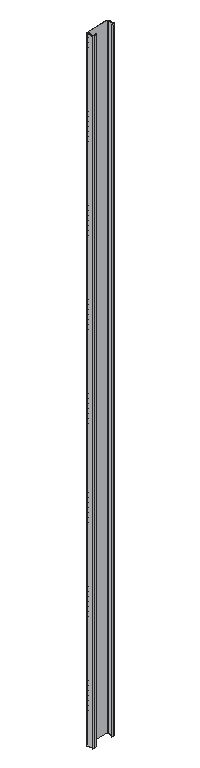
Revit family "side channel3", category Generic Models, Revit 2024 (continued)
Automatic sketch dimensions
  plane 255 to Extrusion 59 sketch curve = 0' - 0 3/16"  (x2)
  Extrusion 59 sketch curve to Extrusion 59 sketch curve = 0' - 0 3/16"
  Extrusion 60 sketch curve to plane 260 = 0' - 0"
  Extrusion 60 sketch curve to plane 261 = 0' - 0"
  Extrusion 60 sketch curve to plane 258 = 0' - 0"
  Extrusion 60 sketch curve to plane 259 = 0' - 0.23066"  (x2)
  Extrusion 60 sketch curve to Extrusion 60 sketch curve = 0' - 0.04316"  (x2)
  Extrusion 60 sketch curve to plane 260 = 0' - 0.07476"
  Extrusion 60 sketch curve to plane 261 = 0' - 0.07476"
  Extrusion 60 sketch curve to Extrusion 60 sketch curve = 0' - 0.39434"
  plane 259 to Extrusion 60 sketch curve = 0' - 0 3/16"  (x2)
  Extrusion 60 sketch curve to Extrusion 60 sketch curve = 0' - 0 3/16"
  Extrusion 61 sketch curve to plane 264 = 0' - 0"
  Extrusion 61 sketch curve to plane 265 = 0' - 0"
  Extrusion 61 sketch curve to plane 262 = 0' - 0"
  Extrusion 61 sketch curve to plane 263 = 0' - 0.23066"  (x2)
  Extrusion 61 sketch curve to Extrusion 61 sketch curve = 0' - 0.04316"  (x2)
  Extrusion 61 sketch curve to plane 264 = 0' - 0.07476"
  Extrusion 61 sketch curve to plane 265 = 0' - 0.07476"
  Extrusion 61 sketch curve to Extrusion 61 sketch curve = 0' - 0.39434"
  plane 263 to Extrusion 61 sketch curve = 0' - 0 3/16"  (x2)
  Extrusion 61 sketch curve to Extrusion 61 sketch curve = 0' - 0 3/16"
  Extrusion 62 sketch curve to plane 268 = 0' - 0"
  Extrusion 62 sketch curve to plane 269 = 0' - 0"
  Extrusion 62 sketch curve to plane 266 = 0' - 0"
  Extrusion 62 sketch curve to plane 267 = 0' - 0.23066"  (x2)
  Extrusion 62 sketch curve to Extrusion 62 sketch curve = 0' - 0.04316"  (x2)
  Extrusion 62 sketch curve to plane 268 = 0' - 0.07476"
  Extrusion 62 sketch curve to plane 269 = 0' - 0.07476"
  Extrusion 62 sketch curve to Extrusion 62 sketch curve = 0' - 0.39434"
  plane 267 to Extrusion 62 sketch curve = 0' - 0 3/16"  (x2)
  Extrusion 62 sketch curve to Extrusion 62 sketch curve = 0' - 0 3/16"
  Extrusion 63 sketch curve to plane 272 = 0' - 0"
  Extrusion 63 sketch curve to plane 273 = 0' - 0"
  Extrusion 63 sketch curve to plane 270 = 0' - 0"
  Extrusion 63 sketch curve to plane 271 = 0' - 0.23066"  (x2)
  Extrusion 63 sketch curve to Extrusion 63 sketch curve = 0' - 0.04316"  (x2)
  Extrusion 63 sketch curve to plane 272 = 0' - 0.07476"
  Extrusion 63 sketch curve to plane 273 = 0' - 0.07476"
  Extrusion 63 sketch curve to Extrusion 63 sketch curve = 0' - 0.39434"
  plane 271 to Extrusion 63 sketch curve = 0' - 0 3/16"  (x2)
  Extrusion 63 sketch curve to Extrusion 63 sketch curve = 0' - 0 3/16"
  Extrusion 64 sketch curve to plane 276 = 0' - 0"
  Extrusion 64 sketch curve to plane 277 = 0' - 0"
  Extrusion 64 sketch curve to plane 274 = 0' - 0"
  Extrusion 64 sketch curve to plane 275 = 0' - 0.23066"  (x2)
  Extrusion 64 sketch curve to Extrusion 64 sketch curve = 0' - 0.04316"  (x2)
  Extrusion 64 sketch curve to plane 276 = 0' - 0.07476"
  Extrusion 64 sketch curve to plane 277 = 0' - 0.07476"
  Extrusion 64 sketch curve to Extrusion 64 sketch curve = 0' - 0.39434"
  plane 275 to Extrusion 64 sketch curve = 0' - 0 3/16"  (x2)
  Extrusion 64 sketch curve to Extrusion 64 sketch curve = 0' - 0 3/16"
  Extrusion 65 sketch curve to plane 280 = 0' - 0"
  Extrusion 65 sketch curve to plane 281 = 0' - 0"
  Extrusion 65 sketch curve to plane 278 = 0' - 0"
  Extrusion 65 sketch curve to plane 279 = 0' - 0.23066"  (x2)
  Extrusion 65 sketch curve to Extrusion 65 sketch curve = 0' - 0.04316"  (x2)
  Extrusion 65 sketch curve to plane 280 = 0' - 0.07476"
  Extrusion 65 sketch curve to plane 281 = 0' - 0.07476"
  Extrusion 65 sketch curve to Extrusion 65 sketch curve = 0' - 0.39434"
  plane 279 to Extrusion 65 sketch curve = 0' - 0 3/16"  (x2)
  Extrusion 65 sketch curve to Extrusion 65 sketch curve = 0' - 0 3/16"
  Extrusion 66 sketch curve to plane 284 = 0' - 0"
  Extrusion 66 sketch curve to plane 285 = 0' - 0"
  Extrusion 66 sketch curve to plane 282 = 0' - 0"
  Extrusion 66 sketch curve to plane 283 = 0' - 0.23066"  (x2)
  Extrusion 66 sketch curve to Extrusion 66 sketch curve = 0' - 0.04316"  (x2)
  Extrusion 66 sketch curve to plane 284 = 0' - 0.07476"
  Extrusion 66 sketch curve to plane 285 = 0' - 0.07476"
  Extrusion 66 sketch curve to Extrusion 66 sketch curve = 0' - 0.39434"
  plane 283 to Extrusion 66 sketch curve = 0' - 0 3/16"  (x2)
  Extrusion 66 sketch curve to Extrusion 66 sketch curve = 0' - 0 3/16"
  Extrusion 67 sketch curve to plane 288 = 0' - 0"
  Extrusion 67 sketch curve to plane 289 = 0' - 0"
  Extrusion 67 sketch curve to plane 286 = 0' - 0"
  Extrusion 67 sketch curve to plane 287 = 0' - 0.23066"  (x2)
  Extrusion 67 sketch curve to Extrusion 67 sketch curve = 0' - 0.04316"  (x2)
  Extrusion 67 sketch curve to plane 288 = 0' - 0.07476"
  Extrusion 67 sketch curve to plane 289 = 0' - 0.07476"
  Extrusion 67 sketch curve to Extrusion 67 sketch curve = 0' - 0.39434"
  plane 287 to Extrusion 67 sketch curve = 0' - 0 3/16"  (x2)
  Extrusion 67 sketch curve to Extrusion 67 sketch curve = 0' - 0 3/16"
  Extrusion 68 sketch curve to plane 292 = 0' - 0"
  Extrusion 68 sketch curve to plane 293 = 0' - 0"
  Extrusion 68 sketch curve to plane 290 = 0' - 0"
  Extrusion 68 sketch curve to plane 291 = 0' - 0.23066"  (x2)
  Extrusion 68 sketch curve to Extrusion 68 sketch curve = 0' - 0.04316"  (x2)
  Extrusion 68 sketch curve to plane 292 = 0' - 0.07476"
  Extrusion 68 sketch curve to plane 293 = 0' - 0.07476"
  Extrusion 68 sketch curve to Extrusion 68 sketch curve = 0' - 0.39434"
  plane 291 to Extrusion 68 sketch curve = 0' - 0 3/16"  (x2)
  Extrusion 68 sketch curve to Extrusion 68 sketch curve = 0' - 0 3/16"
  Extrusion 69 sketch curve to plane 296 = 0' - 0"
  Extrusion 69 sketch curve to plane 297 = 0' - 0"
  Extrusion 69 sketch curve to plane 294 = 0' - 0"
  Extrusion 69 sketch curve to plane 295 = 0' - 0.23066"  (x2)
  Extrusion 69 sketch curve to Extrusion 69 sketch curve = 0' - 0.04316"  (x2)
  Extrusion 69 sketch curve to plane 296 = 0' - 0.07476"
  Extrusion 69 sketch curve to plane 297 = 0' - 0.07476"
  Extrusion 69 sketch curve to Extrusion 69 sketch curve = 0' - 0.39434"
  plane 295 to Extrusion 69 sketch curve = 0' - 0 3/16"  (x2)
  Extrusion 69 sketch curve to Extrusion 69 sketch curve = 0' - 0 3/16"
  Extrusion 70 sketch curve to plane 300 = 0' - 0"
  Extrusion 70 sketch curve to plane 301 = 0' - 0"
  Extrusion 70 sketch curve to plane 298 = 0' - 0"
  Extrusion 70 sketch curve to plane 299 = 0' - 0.23066"  (x2)
  Extrusion 70 sketch curve to Extrusion 70 sketch curve = 0' - 0.04316"  (x2)
  Extrusion 70 sketch curve to plane 300 = 0' - 0.07476"
  Extrusion 70 sketch curve to plane 301 = 0' - 0.07476"
  Extrusion 70 sketch curve to Extrusion 70 sketch curve = 0' - 0.39434"
  plane 299 to Extrusion 70 sketch curve = 0' - 0 3/16"  (x2)
  Extrusion 70 sketch curve to Extrusion 70 sketch curve = 0' - 0 3/16"
  Extrusion 71 sketch curve to plane 304 = 0' - 0"
  Extrusion 71 sketch curve to plane 305 = 0' - 0"
  Extrusion 71 sketch curve to plane 302 = 0' - 0"
  Extrusion 71 sketch curve to plane 303 = 0' - 0.23066"  (x2)
  Extrusion 71 sketch curve to Extrusion 71 sketch curve = 0' - 0.04316"  (x2)
  Extrusion 71 sketch curve to plane 304 = 0' - 0.07476"
  Extrusion 71 sketch curve to plane 305 = 0' - 0.07476"
  Extrusion 71 sketch curve to Extrusion 71 sketch curve = 0' - 0.39434"
  plane 303 to Extrusion 71 sketch curve = 0' - 0 3/16"  (x2)
  Extrusion 71 sketch curve to Extrusion 71 sketch curve = 0' - 0 3/16"
  Extrusion 72 sketch curve to plane 308 = 0' - 0"
  Extrusion 72 sketch curve to plane 309 = 0' - 0"
  Extrusion 72 sketch curve to plane 306 = 0' - 0"
  Extrusion 72 sketch curve to plane 307 = 0' - 0.23066"  (x2)
  Extrusion 72 sketch curve to Extrusion 72 sketch curve = 0' - 0.04316"  (x2)
  Extrusion 72 sketch curve to plane 308 = 0' - 0.07476"
  Extrusion 72 sketch curve to plane 309 = 0' - 0.07476"
  Extrusion 72 sketch curve to Extrusion 72 sketch curve = 0' - 0.39434"
  plane 307 to Extrusion 72 sketch curve = 0' - 0 3/16"  (x2)
  Extrusion 72 sketch curve to Extrusion 72 sketch curve = 0' - 0 3/16"
  Extrusion 73 sketch curve to plane 312 = 0' - 0"
  Extrusion 73 sketch curve to plane 313 = 0' - 0"
  Extrusion 73 sketch curve to plane 310 = 0' - 0"
  Extrusion 73 sketch curve to plane 311 = 0' - 0.23066"  (x2)
  Extrusion 73 sketch curve to Extrusion 73 sketch curve = 0' - 0.04316"  (x2)
  Extrusion 73 sketch curve to plane 312 = 0' - 0.07476"
  Extrusion 73 sketch curve to plane 313 = 0' - 0.07476"
  Extrusion 73 sketch curve to Extrusion 73 sketch curve = 0' - 0.39434"
  plane 311 to Extrusion 73 sketch curve = 0' - 0 3/16"  (x2)
  Extrusion 73 sketch curve to Extrusion 73 sketch curve = 0' - 0 3/16"
  Extrusion 74 sketch curve to plane 316 = 0' - 0"
  Extrusion 74 sketch curve to plane 317 = 0' - 0"
  Extrusion 74 sketch curve to plane 314 = 0' - 0"
  Extrusion 74 sketch curve to plane 315 = 0' - 0.23066"  (x2)
  Extrusion 74 sketch curve to Extrusion 74 sketch curve = 0' - 0.04316"  (x2)
  Extrusion 74 sketch curve to plane 316 = 0' - 0.07476"
  Extrusion 74 sketch curve to plane 317 = 0' - 0.07476"
  Extrusion 74 sketch curve to Extrusion 74 sketch curve = 0' - 0.39434"
  plane 315 to Extrusion 74 sketch curve = 0' - 0 3/16"  (x2)
  Extrusion 74 sketch curve to Extrusion 74 sketch curve = 0' - 0 3/16"
  Extrusion 75 sketch curve to plane 320 = 0' - 0"
  Extrusion 75 sketch curve to plane 321 = 0' - 0"
  Extrusion 75 sketch curve to plane 318 = 0' - 0"
  Extrusion 75 sketch curve to plane 319 = 0' - 0.23066"  (x2)
  Extrusion 75 sketch curve to Extrusion 75 sketch curve = 0' - 0.04316"  (x2)
  Extrusion 75 sketch curve to plane 320 = 0' - 0.07476"
  Extrusion 75 sketch curve to plane 321 = 0' - 0.07476"
  Extrusion 75 sketch curve to Extrusion 75 sketch curve = 0' - 0.39434"
  plane 319 to Extrusion 75 sketch curve = 0' - 0 3/16"  (x2)
  Extrusion 75 sketch curve to Extrusion 75 sketch curve = 0' - 0 3/16"
  Extrusion 76 sketch curve to plane 324 = 0' - 0"
  Extrusion 76 sketch curve to plane 325 = 0' - 0"
  Extrusion 76 sketch curve to plane 322 = 0' - 0"
  Extrusion 76 sketch curve to plane 323 = 0' - 0.23066"  (x2)
  Extrusion 76 sketch curve to Extrusion 76 sketch curve = 0' - 0.04316"  (x2)
  Extrusion 76 sketch curve to plane 324 = 0' - 0.07476"
  Extrusion 76 sketch curve to plane 325 = 0' - 0.07476"
  Extrusion 76 sketch curve to Extrusion 76 sketch curve = 0' - 0.39434"
  plane 323 to Extrusion 76 sketch curve = 0' - 0 3/16"  (x2)
  Extrusion 76 sketch curve to Extrusion 76 sketch curve = 0' - 0 3/16"
  Extrusion 77 sketch curve to plane 328 = 0' - 0"
  Extrusion 77 sketch curve to plane 329 = 0' - 0"
  Extrusion 77 sketch curve to plane 326 = 0' - 0"
  Extrusion 77 sketch curve to plane 327 = 0' - 0.23066"  (x2)
  Extrusion 77 sketch curve to Extrusion 77 sketch curve = 0' - 0.04316"  (x2)
  Extrusion 77 sketch curve to plane 328 = 0' - 0.07476"
  Extrusion 77 sketch curve to plane 329 = 0' - 0.07476"
  Extrusion 77 sketch curve to Extrusion 77 sketch curve = 0' - 0.39434"
  plane 327 to Extrusion 77 sketch curve = 0' - 0 3/16"  (x2)
  Extrusion 77 sketch curve to Extrusion 77 sketch curve = 0' - 0 3/16"
  Extrusion 78 sketch curve to plane 332 = 0' - 0"
  Extrusion 78 sketch curve to plane 333 = 0' - 0"
  Extrusion 78 sketch curve to plane 330 = 0' - 0"
  Extrusion 78 sketch curve to plane 331 = 0' - 0.23066"  (x2)
  Extrusion 78 sketch curve to Extrusion 78 sketch curve = 0' - 0.04316"  (x2)
  Extrusion 78 sketch curve to plane 332 = 0' - 0.07476"
  Extrusion 78 sketch curve to plane 333 = 0' - 0.07476"
  Extrusion 78 sketch curve to Extrusion 78 sketch curve = 0' - 0.39434"
  plane 331 to Extrusion 78 sketch curve = 0' - 0 3/16"  (x2)
  Extrusion 78 sketch curve to Extrusion 78 sketch curve = 0' - 0 3/16"
  Extrusion 79 sketch curve to plane 336 = 0' - 0"
  Extrusion 79 sketch curve to plane 337 = 0' - 0"
  Extrusion 79 sketch curve to plane 334 = 0' - 0"
  Extrusion 79 sketch curve to plane 335 = 0' - 0.23066"  (x2)
  Extrusion 79 sketch curve to Extrusion 79 sketch curve = 0' - 0.04316"  (x2)
  Extrusion 79 sketch curve to plane 336 = 0' - 0.07476"
  Extrusion 79 sketch curve to plane 337 = 0' - 0.07476"
  Extrusion 79 sketch curve to Extrusion 79 sketch curve = 0' - 0.39434"
  plane 335 to Extrusion 79 sketch curve = 0' - 0 3/16"  (x2)
  Extrusion 79 sketch curve to Extrusion 79 sketch curve = 0' - 0 3/16"
  Extrusion 80 sketch curve to plane 340 = 0' - 0"
  Extrusion 80 sketch curve to plane 341 = 0' - 0"
  Extrusion 80 sketch curve to plane 338 = 0' - 0"
  Extrusion 80 sketch curve to plane 339 = 0' - 0.23066"  (x2)
  Extrusion 80 sketch curve to Extrusion 80 sketch curve = 0' - 0.04316"  (x2)
  Extrusion 80 sketch curve to plane 340 = 0' - 0.07476"
  Extrusion 80 sketch curve to plane 341 = 0' - 0.07476"
  Extrusion 80 sketch curve to Extrusion 80 sketch curve = 0' - 0.39434"
  plane 339 to Extrusion 80 sketch curve = 0' - 0 3/16"  (x2)
  Extrusion 80 sketch curve to Extrusion 80 sketch curve = 0' - 0 3/16"
  Extrusion 81 sketch curve to plane 344 = 0' - 0"
  Extrusion 81 sketch curve to plane 345 = 0' - 0"
  Extrusion 81 sketch curve to plane 342 = 0' - 0"
  Extrusion 81 sketch curve to plane 343 = 0' - 0.23066"  (x2)
  Extrusion 81 sketch curve to Extrusion 81 sketch curve = 0' - 0.04316"  (x2)
  Extrusion 81 sketch curve to plane 344 = 0' - 0.07476"
  Extrusion 81 sketch curve to plane 345 = 0' - 0.07476"
  Extrusion 81 sketch curve to Extrusion 81 sketch curve = 0' - 0.39434"
  plane 343 to Extrusion 81 sketch curve = 0' - 0 3/16"  (x2)
  Extrusion 81 sketch curve to Extrusion 81 sketch curve = 0' - 0 3/16"
  Extrusion 82 sketch curve to plane 348 = 0' - 0"
  Extrusion 82 sketch curve to plane 349 = 0' - 0"
  Extrusion 82 sketch curve to plane 346 = 0' - 0"
  Extrusion 82 sketch curve to plane 347 = 0' - 0.23066"  (x2)
  Extrusion 82 sketch curve to Extrusion 82 sketch curve = 0' - 0.04316"  (x2)
  Extrusion 82 sketch curve to plane 348 = 0' - 0.07476"
  Extrusion 82 sketch curve to plane 349 = 0' - 0.07476"
  Extrusion 82 sketch curve to Extrusion 82 sketch curve = 0' - 0.39434"
  plane 347 to Extrusion 82 sketch curve = 0' - 0 3/16"  (x2)
  Extrusion 82 sketch curve to Extrusion 82 sketch curve = 0' - 0 3/16"
  Extrusion 83 sketch curve to plane 352 = 0' - 0"
  Extrusion 83 sketch curve to plane 353 = 0' - 0"
  Extrusion 83 sketch curve to plane 350 = 0' - 0"
  Extrusion 83 sketch curve to plane 351 = 0' - 0.23066"  (x2)
  Extrusion 83 sketch curve to Extrusion 83 sketch curve = 0' - 0.04316"  (x2)
  Extrusion 83 sketch curve to plane 352 = 0' - 0.07476"
  Extrusion 83 sketch curve to plane 353 = 0' - 0.07476"
  Extrusion 83 sketch curve to Extrusion 83 sketch curve = 0' - 0.39434"
  plane 351 to Extrusion 83 sketch curve = 0' - 0 3/16"  (x2)
  Extrusion 83 sketch curve to Extrusion 83 sketch curve = 0' - 0 3/16"
  Extrusion 84 sketch curve to plane 356 = 0' - 0"
  Extrusion 84 sketch curve to plane 357 = 0' - 0"
  Extrusion 84 sketch curve to plane 354 = 0' - 0"
  Extrusion 84 sketch curve to plane 355 = 0' - 0.23066"  (x2)
  Extrusion 84 sketch curve to Extrusion 84 sketch curve = 0' - 0.04316"  (x2)
  Extrusion 84 sketch curve to plane 356 = 0' - 0.07476"
  Extrusion 84 sketch curve to plane 357 = 0' - 0.07476"
  Extrusion 84 sketch curve to Extrusion 84 sketch curve = 0' - 0.39434"
  plane 355 to Extrusion 84 sketch curve = 0' - 0 3/16"  (x2)
  Extrusion 84 sketch curve to Extrusion 84 sketch curve = 0' - 0 3/16"
  Extrusion 85 sketch curve to plane 360 = 0' - 0"
  Extrusion 85 sketch curve to plane 361 = 0' - 0"
  Extrusion 85 sketch curve to plane 358 = 0' - 0"
  Extrusion 85 sketch curve to plane 359 = 0' - 0.23066"  (x2)
  Extrusion 85 sketch curve to Extrusion 85 sketch curve = 0' - 0.04316"  (x2)
  Extrusion 85 sketch curve to plane 360 = 0' - 0.07476"
  Extrusion 85 sketch curve to plane 361 = 0' - 0.07476"
  Extrusion 85 sketch curve to Extrusion 85 sketch curve = 0' - 0.39434"
  plane 359 to Extrusion 85 sketch curve = 0' - 0 3/16"  (x2)
  Extrusion 85 sketch curve to Extrusion 85 sketch curve = 0' - 0 3/16"
  Extrusion 86 sketch curve to plane 364 = 0' - 0"
  Extrusion 86 sketch curve to plane 365 = 0' - 0"
  Extrusion 86 sketch curve to plane 362 = 0' - 0"
  Extrusion 86 sketch curve to plane 363 = 0' - 0.23066"  (x2)
  Extrusion 86 sketch curve to Extrusion 86 sketch curve = 0' - 0.04316"  (x2)
  Extrusion 86 sketch curve to plane 364 = 0' - 0.07476"
  Extrusion 86 sketch curve to plane 365 = 0' - 0.07476"
  Extrusion 86 sketch curve to Extrusion 86 sketch curve = 0' - 0.39434"
  plane 363 to Extrusion 86 sketch curve = 0' - 0 3/16"  (x2)
  Extrusion 86 sketch curve to Extrusion 86 sketch curve = 0' - 0 3/16"
  Extrusion 87 sketch curve to plane 368 = 0' - 0"
  Extrusion 87 sketch curve to plane 369 = 0' - 0"
  Extrusion 87 sketch curve to plane 366 = 0' - 0"
  Extrusion 87 sketch curve to plane 367 = 0' - 0.23066"  (x2)
  Extrusion 87 sketch curve to Extrusion 87 sketch curve = 0' - 0.04316"  (x2)
  Extrusion 87 sketch curve to plane 368 = 0' - 0.07476"
  Extrusion 87 sketch curve to plane 369 = 0' - 0.07476"
  Extrusion 87 sketch curve to Extrusion 87 sketch curve = 0' - 0.39434"
  plane 367 to Extrusion 87 sketch curve = 0' - 0 3/16"  (x2)
  Extrusion 87 sketch curve to Extrusion 87 sketch curve = 0' - 0 3/16"
  Extrusion 88 sketch curve to plane 372 = 0' - 0"
  Extrusion 88 sketch curve to plane 373 = 0' - 0"
  Extrusion 88 sketch curve to plane 370 = 0' - 0"
  Extrusion 88 sketch curve to plane 371 = 0' - 0.23066"  (x2)
  Extrusion 88 sketch curve to Extrusion 88 sketch curve = 0' - 0.04316"  (x2)
  Extrusion 88 sketch curve to plane 372 = 0' - 0.07476"
  Extrusion 88 sketch curve to plane 373 = 0' - 0.07476"
  Extrusion 88 sketch curve to Extrusion 88 sketch curve = 0' - 0.39434"
  plane 371 to Extrusion 88 sketch curve = 0' - 0 3/16"  (x2)
  Extrusion 88 sketch curve to Extrusion 88 sketch curve = 0' - 0 3/16"
  Extrusion 89 sketch curve to plane 376 = 0' - 0"
  Extrusion 89 sketch curve to plane 377 = 0' - 0"
  Extrusion 89 sketch curve to plane 374 = 0' - 0"
  Extrusion 89 sketch curve to plane 375 = 0' - 0.23066"  (x2)
  Extrusion 89 sketch curve to Extrusion 89 sketch curve = 0' - 0.04316"  (x2)
  Extrusion 89 sketch curve to plane 376 = 0' - 0.07476"
  Extrusion 89 sketch curve to plane 377 = 0' - 0.07476"
  Extrusion 89 sketch curve to Extrusion 89 sketch curve = 0' - 0.39434"
  plane 375 to Extrusion 89 sketch curve = 0' - 0 3/16"  (x2)
  Extrusion 89 sketch curve to Extrusion 89 sketch curve = 0' - 0 3/16"
  Extrusion 90 sketch curve to plane 380 = 0' - 0"
  Extrusion 90 sketch curve to plane 381 = 0' - 0"
  Extrusion 90 sketch curve to plane 378 = 0' - 0"
  Extrusion 90 sketch curve to plane 379 = 0' - 0.23066"  (x2)
  Extrusion 90 sketch curve to Extrusion 90 sketch curve = 0' - 0.04316"  (x2)
  Extrusion 90 sketch curve to plane 380 = 0' - 0.07476"
  Extrusion 90 sketch curve to plane 381 = 0' - 0.07476"
  Extrusion 90 sketch curve to Extrusion 90 sketch curve = 0' - 0.39434"
  plane 379 to Extrusion 90 sketch curve = 0' - 0 3/16"  (x2)
  Extrusion 90 sketch curve to Extrusion 90 sketch curve = 0' - 0 3/16"
  Extrusion 91 sketch curve to plane 384 = 0' - 0"
  Extrusion 91 sketch curve to plane 385 = 0' - 0"
  Extrusion 91 sketch curve to plane 382 = 0' - 0"
  Extrusion 91 sketch curve to plane 383 = 0' - 0.23066"  (x2)
  Extrusion 91 sketch curve to Extrusion 91 sketch curve = 0' - 0.04316"  (x2)
  Extrusion 91 sketch curve to plane 384 = 0' - 0.07476"
  Extrusion 91 sketch curve to plane 385 = 0' - 0.07476"
  Extrusion 91 sketch curve to Extrusion 91 sketch curve = 0' - 0.39434"
  plane 383 to Extrusion 91 sketch curve = 0' - 0 3/16"  (x2)
  Extrusion 91 sketch curve to Extrusion 91 sketch curve = 0' - 0 3/16"
  Extrusion 92 sketch curve to plane 388 = 0' - 0"
  Extrusion 92 sketch curve to plane 389 = 0' - 0"
  Extrusion 92 sketch curve to plane 386 = 0' - 0"
  Extrusion 92 sketch curve to plane 387 = 0' - 0.23066"  (x2)
  Extrusion 92 sketch curve to Extrusion 92 sketch curve = 0' - 0.04316"  (x2)
  Extrusion 92 sketch curve to plane 388 = 0' - 0.07476"
  Extrusion 92 sketch curve to plane 389 = 0' - 0.07476"
  Extrusion 92 sketch curve to Extrusion 92 sketch curve = 0' - 0.39434"
  plane 387 to Extrusion 92 sketch curve = 0' - 0 3/16"  (x2)
  Extrusion 92 sketch curve to Extrusion 92 sketch curve = 0' - 0 3/16"
  Extrusion 93 sketch curve to plane 392 = 0' - 0"
  Extrusion 93 sketch curve to plane 393 = 0' - 0"
  Extrusion 93 sketch curve to plane 390 = 0' - 0"
  Extrusion 93 sketch curve to plane 391 = 0' - 0.23066"  (x2)
  Extrusion 93 sketch curve to Extrusion 93 sketch curve = 0' - 0.04316"  (x2)
  Extrusion 93 sketch curve to plane 392 = 0' - 0.07476"
  Extrusion 93 sketch curve to plane 393 = 0' - 0.07476"
  Extrusion 93 sketch curve to Extrusion 93 sketch curve = 0' - 0.39434"
  plane 391 to Extrusion 93 sketch curve = 0' - 0 3/16"  (x2)
  Extrusion 93 sketch curve to Extrusion 93 sketch curve = 0' - 0 3/16"
  Extrusion 94 sketch curve to plane 396 = 0' - 0"
  Extrusion 94 sketch curve to plane 397 = 0' - 0"
  Extrusion 94 sketch curve to plane 394 = 0' - 0"
  Extrusion 94 sketch curve to plane 395 = 0' - 0.23066"  (x2)
  Extrusion 94 sketch curve to Extrusion 94 sketch curve = 0' - 0.04316"  (x2)
  Extrusion 94 sketch curve to plane 396 = 0' - 0.07476"
  Extrusion 94 sketch curve to plane 397 = 0' - 0.07476"
  Extrusion 94 sketch curve to Extrusion 94 sketch curve = 0' - 0.39434"
  plane 395 to Extrusion 94 sketch curve = 0' - 0 3/16"  (x2)
  Extrusion 94 sketch curve to Extrusion 94 sketch curve = 0' - 0 3/16"
  Extrusion 95 sketch curve to plane 400 = 0' - 0"
  Extrusion 95 sketch curve to plane 401 = 0' - 0"
  Extrusion 95 sketch curve to plane 398 = 0' - 0"
  Extrusion 95 sketch curve to plane 399 = 0' - 0.23066"  (x2)
  Extrusion 95 sketch curve to Extrusion 95 sketch curve = 0' - 0.04316"  (x2)
  Extrusion 95 sketch curve to plane 400 = 0' - 0.07476"
  Extrusion 95 sketch curve to plane 401 = 0' - 0.07476"
  Extrusion 95 sketch curve to Extrusion 95 sketch curve = 0' - 0.39434"
  plane 399 to Extrusion 95 sketch curve = 0' - 0 3/16"  (x2)
  Extrusion 95 sketch curve to Extrusion 95 sketch curve = 0' - 0 3/16"
  Extrusion 96 sketch curve to plane 404 = 0' - 0"
  Extrusion 96 sketch curve to plane 405 = 0' - 0"
  Extrusion 96 sketch curve to plane 402 = 0' - 0"
  Extrusion 96 sketch curve to plane 403 = 0' - 0.23066"  (x2)
  Extrusion 96 sketch curve to Extrusion 96 sketch curve = 0' - 0.04316"  (x2)
  Extrusion 96 sketch curve to plane 404 = 0' - 0.07476"
  Extrusion 96 sketch curve to plane 405 = 0' - 0.07476"
  Extrusion 96 sketch curve to Extrusion 96 sketch curve = 0' - 0.39434"
  plane 403 to Extrusion 96 sketch curve = 0' - 0 3/16"  (x2)
  Extrusion 96 sketch curve to Extrusion 96 sketch curve = 0' - 0 3/16"
  Extrusion 97 sketch curve to plane 408 = 0' - 0"
  Extrusion 97 sketch curve to plane 409 = 0' - 0"
  Extrusion 97 sketch curve to plane 406 = 0' - 0"
  Extrusion 97 sketch curve to plane 407 = 0' - 0.23066"  (x2)
  Extrusion 97 sketch curve to Extrusion 97 sketch curve = 0' - 0.04316"  (x2)
  Extrusion 97 sketch curve to plane 408 = 0' - 0.07476"
  Extrusion 97 sketch curve to plane 409 = 0' - 0.07476"
  Extrusion 97 sketch curve to Extrusion 97 sketch curve = 0' - 0.39434"
  plane 407 to Extrusion 97 sketch curve = 0' - 0 3/16"  (x2)
  Extrusion 97 sketch curve to Extrusion 97 sketch curve = 0' - 0 3/16"
  Extrusion 98 sketch curve to plane 412 = 0' - 0"
  Extrusion 98 sketch curve to plane 413 = 0' - 0"
  Extrusion 98 sketch curve to plane 410 = 0' - 0"
  Extrusion 98 sketch curve to plane 411 = 0' - 0.23066"  (x2)
  Extrusion 98 sketch curve to Extrusion 98 sketch curve = 0' - 0.04316"  (x2)
  Extrusion 98 sketch curve to plane 412 = 0' - 0.07476"
  Extrusion 98 sketch curve to plane 413 = 0' - 0.07476"
  Extrusion 98 sketch curve to Extrusion 98 sketch curve = 0' - 0.39434"
  plane 411 to Extrusion 98 sketch curve = 0' - 0 3/16"  (x2)
  Extrusion 98 sketch curve to Extrusion 98 sketch curve = 0' - 0 3/16"
  Extrusion 99 sketch curve to plane 416 = 0' - 0"
  Extrusion 99 sketch curve to plane 417 = 0' - 0"
  Extrusion 99 sketch curve to plane 414 = 0' - 0"
  Extrusion 99 sketch curve to plane 415 = 0' - 0.23066"  (x2)
  Extrusion 99 sketch curve to Extrusion 99 sketch curve = 0' - 0.04316"  (x2)
  Extrusion 99 sketch curve to plane 416 = 0' - 0.07476"
  Extrusion 99 sketch curve to plane 417 = 0' - 0.07476"
  Extrusion 99 sketch curve to Extrusion 99 sketch curve = 0' - 0.39434"
  plane 415 to Extrusion 99 sketch curve = 0' - 0 3/16"  (x2)
  Extrusion 99 sketch curve to Extrusion 99 sketch curve = 0' - 0 3/16"
  Extrusion 100 sketch curve to plane 420 = 0' - 0"
  Extrusion 100 sketch curve to plane 421 = 0' - 0"
  Extrusion 100 sketch curve to plane 418 = 0' - 0"
  Extrusion 100 sketch curve to plane 419 = 0' - 0.23066"  (x2)
  Extrusion 100 sketch curve to Extrusion 100 sketch curve = 0' - 0.04316"  (x2)
  Extrusion 100 sketch curve to plane 420 = 0' - 0.07476"
  Extrusion 100 sketch curve to plane 421 = 0' - 0.07476"
  Extrusion 100 sketch curve to Extrusion 100 sketch curve = 0' - 0.39434"
  plane 419 to Extrusion 100 sketch curve = 0' - 0 3/16"  (x2)
  Extrusion 100 sketch curve to Extrusion 100 sketch curve = 0' - 0 3/16"
  Extrusion 101 sketch curve to plane 424 = 0' - 0"
  Extrusion 101 sketch curve to plane 425 = 0' - 0"
  Extrusion 101 sketch curve to plane 422 = 0' - 0"
  Extrusion 101 sketch curve to plane 423 = 0' - 0.23066"  (x2)
  Extrusion 101 sketch curve to Extrusion 101 sketch curve = 0' - 0.04316"  (x2)
  Extrusion 101 sketch curve to plane 424 = 0' - 0.07476"
  Extrusion 101 sketch curve to plane 425 = 0' - 0.07476"
  Extrusion 101 sketch curve to Extrusion 101 sketch curve = 0' - 0.39434"
  plane 423 to Extrusion 101 sketch curve = 0' - 0 3/16"  (x2)
  Extrusion 101 sketch curve to Extrusion 101 sketch curve = 0' - 0 3/16"
  Extrusion 102 sketch curve to plane 428 = 0' - 0"
  Extrusion 102 sketch curve to plane 429 = 0' - 0"
  Extrusion 102 sketch curve to plane 426 = 0' - 0"
  Extrusion 102 sketch curve to plane 427 = 0' - 0.23066"  (x2)
  Extrusion 102 sketch curve to Extrusion 102 sketch curve = 0' - 0.04316"  (x2)
  Extrusion 102 sketch curve to plane 428 = 0' - 0.07476"
  Extrusion 102 sketch curve to plane 429 = 0' - 0.07476"
  Extrusion 102 sketch curve to Extrusion 102 sketch curve = 0' - 0.39434"
  plane 427 to Extrusion 102 sketch curve = 0' - 0 3/16"  (x2)
  Extrusion 102 sketch curve to Extrusion 102 sketch curve = 0' - 0 3/16"
  Extrusion 103 sketch curve to plane 432 = 0' - 0"
  Extrusion 103 sketch curve to plane 433 = 0' - 0"
  Extrusion 103 sketch curve to plane 430 = 0' - 0"
  Extrusion 103 sketch curve to plane 431 = 0' - 0.23066"  (x2)
  Extrusion 103 sketch curve to Extrusion 103 sketch curve = 0' - 0.04316"  (x2)
  Extrusion 103 sketch curve to plane 432 = 0' - 0.07476"
  Extrusion 103 sketch curve to plane 433 = 0' - 0.07476"
  Extrusion 103 sketch curve to Extrusion 103 sketch curve = 0' - 0.39434"
  plane 431 to Extrusion 103 sketch curve = 0' - 0 3/16"  (x2)
  Extrusion 103 sketch curve to Extrusion 103 sketch curve = 0' - 0 3/16"
  Extrusion 104 sketch curve to plane 436 = 0' - 0"
  Extrusion 104 sketch curve to plane 437 = 0' - 0"
  Extrusion 104 sketch curve to plane 434 = 0' - 0"
  Extrusion 104 sketch curve to plane 435 = 0' - 0.23066"  (x2)
  Extrusion 104 sketch curve to Extrusion 104 sketch curve = 0' - 0.04316"  (x2)
  Extrusion 104 sketch curve to plane 436 = 0' - 0.07476"
  Extrusion 104 sketch curve to plane 437 = 0' - 0.07476"
  Extrusion 104 sketch curve to Extrusion 104 sketch curve = 0' - 0.39434"
  plane 435 to Extrusion 104 sketch curve = 0' - 0 3/16"  (x2)
  Extrusion 104 sketch curve to Extrusion 104 sketch curve = 0' - 0 3/16"
  Extrusion 105 sketch curve to plane 440 = 0' - 0"
  Extrusion 105 sketch curve to plane 441 = 0' - 0"
  Extrusion 105 sketch curve to plane 438 = 0' - 0"
  Extrusion 105 sketch curve to plane 439 = 0' - 0.23066"  (x2)
  Extrusion 105 sketch curve to Extrusion 105 sketch curve = 0' - 0.04316"  (x2)
  Extrusion 105 sketch curve to plane 440 = 0' - 0.07476"
  Extrusion 105 sketch curve to plane 441 = 0' - 0.07476"
  Extrusion 105 sketch curve to Extrusion 105 sketch curve = 0' - 0.39434"
  plane 439 to Extrusion 105 sketch curve = 0' - 0 3/16"  (x2)
  Extrusion 105 sketch curve to Extrusion 105 sketch curve = 0' - 0 3/16"
  Extrusion 106 sketch curve to plane 444 = 0' - 0"
  Extrusion 106 sketch curve to plane 445 = 0' - 0"
  Extrusion 106 sketch curve to plane 442 = 0' - 0"
  Extrusion 106 sketch curve to plane 443 = 0' - 0.23066"  (x2)
  Extrusion 106 sketch curve to Extrusion 106 sketch curve = 0' - 0.04316"  (x2)
  Extrusion 106 sketch curve to plane 444 = 0' - 0.07476"
  Extrusion 106 sketch curve to plane 445 = 0' - 0.07476"
  Extrusion 106 sketch curve to Extrusion 106 sketch curve = 0' - 0.39434"
  plane 443 to Extrusion 106 sketch curve = 0' - 0 3/16"  (x2)
  Extrusion 106 sketch curve to Extrusion 106 sketch curve = 0' - 0 3/16"
  Extrusion 107 sketch curve to plane 448 = 0' - 0"
  Extrusion 107 sketch curve to plane 449 = 0' - 0"
  Extrusion 107 sketch curve to plane 446 = 0' - 0"
  Extrusion 107 sketch curve to plane 447 = 0' - 0.23066"  (x2)
  Extrusion 107 sketch curve to Extrusion 107 sketch curve = 0' - 0.04316"  (x2)
  Extrusion 107 sketch curve to plane 448 = 0' - 0.07476"
  Extrusion 107 sketch curve to plane 449 = 0' - 0.07476"
  Extrusion 107 sketch curve to Extrusion 107 sketch curve = 0' - 0.39434"
  plane 447 to Extrusion 107 sketch curve = 0' - 0 3/16"  (x2)
  Extrusion 107 sketch curve to Extrusion 107 sketch curve = 0' - 0 3/16"
  Extrusion 108 sketch curve to plane 452 = 0' - 0"
  Extrusion 108 sketch curve to plane 453 = 0' - 0"
  Extrusion 108 sketch curve to plane 450 = 0' - 0"
  Extrusion 108 sketch curve to plane 451 = 0' - 0.23066"  (x2)
  Extrusion 108 sketch curve to Extrusion 108 sketch curve = 0' - 0.04316"  (x2)
  Extrusion 108 sketch curve to plane 452 = 0' - 0.07476"
  Extrusion 108 sketch curve to plane 453 = 0' - 0.07476"
  Extrusion 108 sketch curve to Extrusion 108 sketch curve = 0' - 0.39434"
  plane 451 to Extrusion 108 sketch curve = 0' - 0 3/16"  (x2)
  Extrusion 108 sketch curve to Extrusion 108 sketch curve = 0' - 0 3/16"
  Extrusion 109 sketch curve to plane 456 = 0' - 0"
  Extrusion 109 sketch curve to plane 457 = 0' - 0"
  Extrusion 109 sketch curve to plane 454 = 0' - 0"
  Extrusion 109 sketch curve to plane 455 = 0' - 0.23066"  (x2)
  Extrusion 109 sketch curve to Extrusion 109 sketch curve = 0' - 0.04316"  (x2)
  Extrusion 109 sketch curve to plane 456 = 0' - 0.07476"
  Extrusion 109 sketch curve to plane 457 = 0' - 0.07476"
  Extrusion 109 sketch curve to Extrusion 109 sketch curve = 0' - 0.39434"
  plane 455 to Extrusion 109 sketch curve = 0' - 0 3/16"  (x2)
  Extrusion 109 sketch curve to Extrusion 109 sketch curve = 0' - 0 3/16"
  Extrusion 110 sketch curve to plane 460 = 0' - 0"
  Extrusion 110 sketch curve to plane 461 = 0' - 0"
  Extrusion 110 sketch curve to plane 458 = 0' - 0"
  Extrusion 110 sketch curve to plane 459 = 0' - 0.23066"  (x2)
  Extrusion 110 sketch curve to Extrusion 110 sketch curve = 0' - 0.04316"  (x2)
  Extrusion 110 sketch curve to plane 460 = 0' - 0.07476"
  Extrusion 110 sketch curve to plane 461 = 0' - 0.07476"
  Extrusion 110 sketch curve to Extrusion 110 sketch curve = 0' - 0.39434"
  plane 459 to Extrusion 110 sketch curve = 0' - 0 3/16"  (x2)
  Extrusion 110 sketch curve to Extrusion 110 sketch curve = 0' - 0 3/16"
  Extrusion 111 sketch curve to plane 464 = 0' - 0"
  Extrusion 111 sketch curve to plane 465 = 0' - 0"
  Extrusion 111 sketch curve to plane 462 = 0' - 0"
  Extrusion 111 sketch curve to plane 463 = 0' - 0.23066"  (x2)
  Extrusion 111 sketch curve to Extrusion 111 sketch curve = 0' - 0.04316"  (x2)
  Extrusion 111 sketch curve to plane 464 = 0' - 0.07476"
  Extrusion 111 sketch curve to plane 465 = 0' - 0.07476"
  Extrusion 111 sketch curve to Extrusion 111 sketch curve = 0' - 0.39434"
  plane 463 to Extrusion 111 sketch curve = 0' - 0 3/16"  (x2)
  Extrusion 111 sketch curve to Extrusion 111 sketch curve = 0' - 0 3/16"
  Extrusion 112 sketch curve to plane 468 = 0' - 0"
  Extrusion 112 sketch curve to plane 469 = 0' - 0"
  Extrusion 112 sketch curve to plane 466 = 0' - 0"
  Extrusion 112 sketch curve to plane 467 = 0' - 0.23066"  (x2)
  Extrusion 112 sketch curve to Extrusion 112 sketch curve = 0' - 0.04316"  (x2)
  Extrusion 112 sketch curve to plane 468 = 0' - 0.07476"
  Extrusion 112 sketch curve to plane 469 = 0' - 0.07476"
  Extrusion 112 sketch curve to Extrusion 112 sketch curve = 0' - 0.39434"
  plane 467 to Extrusion 112 sketch curve = 0' - 0 3/16"  (x2)
  Extrusion 112 sketch curve to Extrusion 112 sketch curve = 0' - 0 3/16"
  Extrusion 113 sketch curve to plane 472 = 0' - 0"
  Extrusion 113 sketch curve to plane 473 = 0' - 0"
  Extrusion 113 sketch curve to plane 470 = 0' - 0"
  Extrusion 113 sketch curve to plane 471 = 0' - 0.23066"  (x2)
  Extrusion 113 sketch curve to Extrusion 113 sketch curve = 0' - 0.04316"  (x2)
  Extrusion 113 sketch curve to plane 472 = 0' - 0.07476"
  Extrusion 113 sketch curve to plane 473 = 0' - 0.07476"
  Extrusion 113 sketch curve to Extrusion 113 sketch curve = 0' - 0.39434"
  plane 471 to Extrusion 113 sketch curve = 0' - 0 3/16"  (x2)
  Extrusion 113 sketch curve to Extrusion 113 sketch curve = 0' - 0 3/16"
  Extrusion 114 sketch curve to plane 476 = 0' - 0"
  Extrusion 114 sketch curve to plane 477 = 0' - 0"
  Extrusion 114 sketch curve to plane 474 = 0' - 0"
  Extrusion 114 sketch curve to plane 475 = 0' - 0.23066"  (x2)
  Extrusion 114 sketch curve to Extrusion 114 sketch curve = 0' - 0.04316"  (x2)
  Extrusion 114 sketch curve to plane 476 = 0' - 0.07476"
  Extrusion 114 sketch curve to plane 477 = 0' - 0.07476"
  Extrusion 114 sketch curve to Extrusion 114 sketch curve = 0' - 0.39434"
  plane 475 to Extrusion 114 sketch curve = 0' - 0 3/16"  (x2)
  Extrusion 114 sketch curve to Extrusion 114 sketch curve = 0' - 0 3/16"
  Extrusion 115 sketch curve to plane 480 = 0' - 0"
  Extrusion 115 sketch curve to plane 481 = 0' - 0"
  Extrusion 115 sketch curve to plane 478 = 0' - 0"
  Extrusion 115 sketch curve to plane 479 = 0' - 0.23066"  (x2)
  Extrusion 115 sketch curve to Extrusion 115 sketch curve = 0' - 0.04316"  (x2)
  Extrusion 115 sketch curve to plane 480 = 0' - 0.07476"
  Extrusion 115 sketch curve to plane 481 = 0' - 0.07476"
  Extrusion 115 sketch curve to Extrusion 115 sketch curve = 0' - 0.39434"
  plane 479 to Extrusion 115 sketch curve = 0' - 0 3/16"  (x2)
  Extrusion 115 sketch curve to Extrusion 115 sketch curve = 0' - 0 3/16"
  Extrusion 116 sketch curve to plane 484 = 0' - 0"
  Extrusion 116 sketch curve to plane 485 = 0' - 0"
  Extrusion 116 sketch curve to plane 482 = 0' - 0"
  Extrusion 116 sketch curve to plane 483 = 0' - 0.23066"  (x2)
  Extrusion 116 sketch curve to Extrusion 116 sketch curve = 0' - 0.04316"  (x2)
  Extrusion 116 sketch curve to plane 484 = 0' - 0.07476"
  Extrusion 116 sketch curve to plane 485 = 0' - 0.07476"
  Extrusion 116 sketch curve to Extrusion 116 sketch curve = 0' - 0.39434"
  plane 483 to Extrusion 116 sketch curve = 0' - 0 3/16"  (x2)
  Extrusion 116 sketch curve to Extrusion 116 sketch curve = 0' - 0 3/16"
  Extrusion 117 sketch curve to plane 488 = 0' - 0"
  Extrusion 117 sketch curve to plane 489 = 0' - 0"
  Extrusion 117 sketch curve to plane 486 = 0' - 0"
  Extrusion 117 sketch curve to plane 487 = 0' - 0.23066"  (x2)
  Extrusion 117 sketch curve to Extrusion 117 sketch curve = 0' - 0.04316"  (x2)
  Extrusion 117 sketch curve to plane 488 = 0' - 0.07476"
  Extrusion 117 sketch curve to plane 489 = 0' - 0.07476"
  Extrusion 117 sketch curve to Extrusion 117 sketch curve = 0' - 0.39434"
  plane 487 to Extrusion 117 sketch curve = 0' - 0 3/16"  (x2)
  Extrusion 117 sketch curve to Extrusion 117 sketch curve = 0' - 0 3/16"
  Extrusion 118 sketch curve to plane 492 = 0' - 0"
  Extrusion 118 sketch curve to plane 493 = 0' - 0"
  Extrusion 118 sketch curve to plane 490 = 0' - 0"
  Extrusion 118 sketch curve to plane 491 = 0' - 0.23066"  (x2)
  Extrusion 118 sketch curve to Extrusion 118 sketch curve = 0' - 0.04316"  (x2)
  Extrusion 118 sketch curve to plane 492 = 0' - 0.07476"
  Extrusion 118 sketch curve to plane 493 = 0' - 0.07476"
  Extrusion 118 sketch curve to Extrusion 118 sketch curve = 0' - 0.39434"
  plane 491 to Extrusion 118 sketch curve = 0' - 0 3/16"  (x2)
  Extrusion 118 sketch curve to Extrusion 118 sketch curve = 0' - 0 3/16"
  Extrusion 119 sketch curve to plane 496 = 0' - 0"
  Extrusion 119 sketch curve to plane 497 = 0' - 0"
  Extrusion 119 sketch curve to plane 494 = 0' - 0"
  Extrusion 119 sketch curve to plane 495 = 0' - 0.23066"  (x2)
  Extrusion 119 sketch curve to Extrusion 119 sketch curve = 0' - 0.04316"  (x2)
  Extrusion 119 sketch curve to plane 496 = 0' - 0.07476"
  Extrusion 119 sketch curve to plane 497 = 0' - 0.07476"
  Extrusion 119 sketch curve to Extrusion 119 sketch curve = 0' - 0.39434"
  plane 495 to Extrusion 119 sketch curve = 0' - 0 3/16"  (x2)
  Extrusion 119 sketch curve to Extrusion 119 sketch curve = 0' - 0 3/16"
  Extrusion 120 sketch curve to plane 500 = 0' - 0"
  Extrusion 120 sketch curve to plane 501 = 0' - 0"
  Extrusion 120 sketch curve to plane 498 = 0' - 0"
  Extrusion 120 sketch curve to plane 499 = 0' - 0.23066"  (x2)
  Extrusion 120 sketch curve to Extrusion 120 sketch curve = 0' - 0.04316"  (x2)
  Extrusion 120 sketch curve to plane 500 = 0' - 0.07476"
  Extrusion 120 sketch curve to plane 501 = 0' - 0.07476"
  Extrusion 120 sketch curve to Extrusion 120 sketch curve = 0' - 0.39434"
  plane 499 to Extrusion 120 sketch curve = 0' - 0 3/16"  (x2)
  Extrusion 120 sketch curve to Extrusion 120 sketch curve = 0' - 0 3/16"
  Extrusion 121 sketch curve to plane 504 = 0' - 0"
  Extrusion 121 sketch curve to plane 505 = 0' - 0"
  Extrusion 121 sketch curve to plane 502 = 0' - 0"
  Extrusion 121 sketch curve to plane 503 = 0' - 0.23066"  (x2)
  Extrusion 121 sketch curve to Extrusion 121 sketch curve = 0' - 0.04316"  (x2)
  Extrusion 121 sketch curve to plane 504 = 0' - 0.07476"
  Extrusion 121 sketch curve to plane 505 = 0' - 0.07476"
  Extrusion 121 sketch curve to Extrusion 121 sketch curve = 0' - 0.39434"
  plane 503 to Extrusion 121 sketch curve = 0' - 0 3/16"  (x2)
  Extrusion 121 sketch curve to Extrusion 121 sketch curve = 0' - 0 3/16"
  Extrusion 122 sketch curve to plane 508 = 0' - 0"
  Extrusion 122 sketch curve to plane 509 = 0' - 0"
  Extrusion 122 sketch curve to plane 506 = 0' - 0"
  Extrusion 122 sketch curve to plane 507 = 0' - 0.23066"  (x2)
  Extrusion 122 sketch curve to Extrusion 122 sketch curve = 0' - 0.04316"  (x2)
  Extrusion 122 sketch curve to plane 508 = 0' - 0.07476"
  Extrusion 122 sketch curve to plane 509 = 0' - 0.07476"
  Extrusion 122 sketch curve to Extrusion 122 sketch curve = 0' - 0.39434"
  plane 507 to Extrusion 122 sketch curve = 0' - 0 3/16"  (x2)
  Extrusion 122 sketch curve to Extrusion 122 sketch curve = 0' - 0 3/16"
  Extrusion 123 sketch curve to plane 512 = 0' - 0"
  Extrusion 123 sketch curve to plane 513 = 0' - 0"
  Extrusion 123 sketch curve to plane 510 = 0' - 0"
  Extrusion 123 sketch curve to plane 511 = 0' - 0.23066"  (x2)
  Extrusion 123 sketch curve to Extrusion 123 sketch curve = 0' - 0.04316"  (x2)
  Extrusion 123 sketch curve to plane 512 = 0' - 0.07476"
  Extrusion 123 sketch curve to plane 513 = 0' - 0.07476"
  Extrusion 123 sketch curve to Extrusion 123 sketch curve = 0' - 0.39434"
  plane 511 to Extrusion 123 sketch curve = 0' - 0 3/16"  (x2)
  Extrusion 123 sketch curve to Extrusion 123 sketch curve = 0' - 0 3/16"
  Extrusion 124 sketch curve to plane 516 = 0' - 0"
  Extrusion 124 sketch curve to plane 517 = 0' - 0"
  Extrusion 124 sketch curve to plane 514 = 0' - 0"
  Extrusion 124 sketch curve to plane 515 = 0' - 0.23066"  (x2)
  Extrusion 124 sketch curve to Extrusion 124 sketch curve = 0' - 0.04316"  (x2)
  Extrusion 124 sketch curve to plane 516 = 0' - 0.07476"
  Extrusion 124 sketch curve to plane 517 = 0' - 0.07476"
  Extrusion 124 sketch curve to Extrusion 124 sketch curve = 0' - 0.39434"
  plane 515 to Extrusion 124 sketch curve = 0' - 0 3/16"  (x2)
  Extrusion 124 sketch curve to Extrusion 124 sketch curve = 0' - 0 3/16"
  Extrusion 125 sketch curve to plane 520 = 0' - 0"
  Extrusion 125 sketch curve to plane 521 = 0' - 0"
  Extrusion 125 sketch curve to plane 518 = 0' - 0"
  Extrusion 125 sketch curve to plane 519 = 0' - 0.23066"  (x2)
  Extrusion 125 sketch curve to Extrusion 125 sketch curve = 0' - 0.04316"  (x2)
  Extrusion 125 sketch curve to plane 520 = 0' - 0.07476"
  Extrusion 125 sketch curve to plane 521 = 0' - 0.07476"
  Extrusion 125 sketch curve to Extrusion 125 sketch curve = 0' - 0.39434"
  plane 519 to Extrusion 125 sketch curve = 0' - 0 3/16"  (x2)
  Extrusion 125 sketch curve to Extrusion 125 sketch curve = 0' - 0 3/16"
  Extrusion 126 sketch curve to plane 524 = 0' - 0"
  Extrusion 126 sketch curve to plane 525 = 0' - 0"
  Extrusion 126 sketch curve to plane 522 = 0' - 0"
  Extrusion 126 sketch curve to plane 523 = 0' - 0.23066"  (x2)
  Extrusion 126 sketch curve to Extrusion 126 sketch curve = 0' - 0.04316"  (x2)
  Extrusion 126 sketch curve to plane 524 = 0' - 0.07476"
  Extrusion 126 sketch curve to plane 525 = 0' - 0.07476"
  Extrusion 126 sketch curve to Extrusion 126 sketch curve = 0' - 0.39434"
  plane 523 to Extrusion 126 sketch curve = 0' - 0 3/16"  (x2)
  Extrusion 126 sketch curve to Extrusion 126 sketch curve = 0' - 0 3/16"
  Extrusion 127 sketch curve to plane 528 = 0' - 0"
  Extrusion 127 sketch curve to plane 529 = 0' - 0"
  Extrusion 127 sketch curve to plane 526 = 0' - 0"
  Extrusion 127 sketch curve to plane 527 = 0' - 0.23066"  (x2)
  Extrusion 127 sketch curve to Extrusion 127 sketch curve = 0' - 0.04316"  (x2)
  Extrusion 127 sketch curve to plane 528 = 0' - 0.07476"
  Extrusion 127 sketch curve to plane 529 = 0' - 0.07476"
  Extrusion 127 sketch curve to Extrusion 127 sketch curve = 0' - 0.39434"
  plane 527 to Extrusion 127 sketch curve = 0' - 0 3/16"  (x2)
  Extrusion 127 sketch curve to Extrusion 127 sketch curve = 0' - 0 3/16"
  Extrusion 128 sketch curve to plane 532 = 0' - 0"
  Extrusion 128 sketch curve to plane 533 = 0' - 0"
  Extrusion 128 sketch curve to plane 530 = 0' - 0"
  Extrusion 128 sketch curve to plane 531 = 0' - 0.23066"  (x2)
  Extrusion 128 sketch curve to Extrusion 128 sketch curve = 0' - 0.04316"  (x2)
  Extrusion 128 sketch curve to plane 532 = 0' - 0.07476"
  Extrusion 128 sketch curve to plane 533 = 0' - 0.07476"
  Extrusion 128 sketch curve to Extrusion 128 sketch curve = 0' - 0.39434"
  plane 531 to Extrusion 128 sketch curve = 0' - 0 3/16"  (x2)
  Extrusion 128 sketch curve to Extrusion 128 sketch curve = 0' - 0 3/16"
  Extrusion 129 sketch curve to plane 536 = 0' - 0"
  Extrusion 129 sketch curve to plane 537 = 0' - 0"
  Extrusion 129 sketch curve to plane 534 = 0' - 0"
  Extrusion 129 sketch curve to plane 535 = 0' - 0.23066"  (x2)
  Extrusion 129 sketch curve to Extrusion 129 sketch curve = 0' - 0.04316"  (x2)
  Extrusion 129 sketch curve to plane 536 = 0' - 0.07476"
  Extrusion 129 sketch curve to plane 537 = 0' - 0.07476"
  Extrusion 129 sketch curve to Extrusion 129 sketch curve = 0' - 0.39434"
  plane 535 to Extrusion 129 sketch curve = 0' - 0 3/16"  (x2)
  Extrusion 129 sketch curve to Extrusion 129 sketch curve = 0' - 0 3/16"
  Extrusion 130 sketch curve to plane 540 = 0' - 0"
  Extrusion 130 sketch curve to plane 541 = 0' - 0"
  Extrusion 130 sketch curve to plane 538 = 0' - 0"
  Extrusion 130 sketch curve to plane 539 = 0' - 0.23066"  (x2)
  Extrusion 130 sketch curve to Extrusion 130 sketch curve = 0' - 0.04316"  (x2)
  Extrusion 130 sketch curve to plane 540 = 0' - 0.07476"
  Extrusion 130 sketch curve to plane 541 = 0' - 0.07476"
  Extrusion 130 sketch curve to Extrusion 130 sketch curve = 0' - 0.39434"
  plane 539 to Extrusion 130 sketch curve = 0' - 0 3/16"  (x2)
  Extrusion 130 sketch curve to Extrusion 130 sketch curve = 0' - 0 3/16"
  Extrusion 131 sketch curve to plane 544 = 0' - 0"
  Extrusion 131 sketch curve to plane 545 = 0' - 0"
  Extrusion 131 sketch curve to plane 542 = 0' - 0"
  Extrusion 131 sketch curve to plane 543 = 0' - 0.23066"  (x2)
  Extrusion 131 sketch curve to Extrusion 131 sketch curve = 0' - 0.04316"  (x2)
  Extrusion 131 sketch curve to plane 544 = 0' - 0.07476"
  Extrusion 131 sketch curve to plane 545 = 0' - 0.07476"
  Extrusion 131 sketch curve to Extrusion 131 sketch curve = 0' - 0.39434"
  plane 543 to Extrusion 131 sketch curve = 0' - 0 3/16"  (x2)
  Extrusion 131 sketch curve to Extrusion 131 sketch curve = 0' - 0 3/16"
  Extrusion 132 sketch curve to plane 548 = 0' - 0"
  Extrusion 132 sketch curve to plane 549 = 0' - 0"
  Extrusion 132 sketch curve to plane 546 = 0' - 0"
  Extrusion 132 sketch curve to plane 547 = 0' - 0.23066"  (x2)
  Extrusion 132 sketch curve to Extrusion 132 sketch curve = 0' - 0.04316"  (x2)
  Extrusion 132 sketch curve to plane 548 = 0' - 0.07476"
  Extrusion 132 sketch curve to plane 549 = 0' - 0.07476"
  Extrusion 132 sketch curve to Extrusion 132 sketch curve = 0' - 0.39434"
  plane 547 to Extrusion 132 sketch curve = 0' - 0 3/16"  (x2)
  Extrusion 132 sketch curve to Extrusion 132 sketch curve = 0' - 0 3/16"
  Extrusion 133 sketch curve to plane 552 = 0' - 0"
  Extrusion 133 sketch curve to plane 553 = 0' - 0"
  Extrusion 133 sketch curve to plane 550 = 0' - 0"
  Extrusion 133 sketch curve to plane 551 = 0' - 0.23066"  (x2)
  Extrusion 133 sketch curve to Extrusion 133 sketch curve = 0' - 0.04316"  (x2)
  Extrusion 133 sketch curve to plane 552 = 0' - 0.07476"
  Extrusion 133 sketch curve to plane 553 = 0' - 0.07476"
  Extrusion 133 sketch curve to Extrusion 133 sketch curve = 0' - 0.39434"
  plane 551 to Extrusion 133 sketch curve = 0' - 0 3/16"  (x2)
  Extrusion 133 sketch curve to Extrusion 133 sketch curve = 0' - 0 3/16"
  Extrusion 134 sketch curve to plane 556 = 0' - 0"
  Extrusion 134 sketch curve to plane 557 = 0' - 0"
  Extrusion 134 sketch curve to plane 554 = 0' - 0"
  Extrusion 134 sketch curve to plane 555 = 0' - 0.23066"  (x2)
  Extrusion 134 sketch curve to Extrusion 134 sketch curve = 0' - 0.04316"  (x2)
  Extrusion 134 sketch curve to plane 556 = 0' - 0.07476"
  Extrusion 134 sketch curve to plane 557 = 0' - 0.07476"
  Extrusion 134 sketch curve to Extrusion 134 sketch curve = 0' - 0.39434"
  plane 555 to Extrusion 134 sketch curve = 0' - 0 3/16"  (x2)
  Extrusion 134 sketch curve to Extrusion 134 sketch curve = 0' - 0 3/16"
  Extrusion 135 sketch curve to plane 560 = 0' - 0"
  Extrusion 135 sketch curve to plane 561 = 0' - 0"
  Extrusion 135 sketch curve to plane 558 = 0' - 0"
  Extrusion 135 sketch curve to plane 559 = 0' - 0.23066"  (x2)
  Extrusion 135 sketch curve to Extrusion 135 sketch curve = 0' - 0.04316"  (x2)
  Extrusion 135 sketch curve to plane 560 = 0' - 0.07476"
  Extrusion 135 sketch curve to plane 561 = 0' - 0.07476"
  Extrusion 135 sketch curve to Extrusion 135 sketch curve = 0' - 0.39434"
  plane 559 to Extrusion 135 sketch curve = 0' - 0 3/16"  (x2)
  Extrusion 135 sketch curve to Extrusion 135 sketch curve = 0' - 0 3/16"
  Extrusion 136 sketch curve to plane 564 = 0' - 0"
  Extrusion 136 sketch curve to plane 565 = 0' - 0"
  Extrusion 136 sketch curve to plane 562 = 0' - 0"
  Extrusion 136 sketch curve to plane 563 = 0' - 0.23066"  (x2)
  Extrusion 136 sketch curve to Extrusion 136 sketch curve = 0' - 0.04316"  (x2)
  Extrusion 136 sketch curve to plane 564 = 0' - 0.07476"
  Extrusion 136 sketch curve to plane 565 = 0' - 0.07476"
  Extrusion 136 sketch curve to Extrusion 136 sketch curve = 0' - 0.39434"
  plane 563 to Extrusion 136 sketch curve = 0' - 0 3/16"  (x2)
  Extrusion 136 sketch curve to Extrusion 136 sketch curve = 0' - 0 3/16"
  Extrusion 137 sketch curve to plane 568 = 0' - 0"
  Extrusion 137 sketch curve to plane 569 = 0' - 0"
  Extrusion 137 sketch curve to plane 566 = 0' - 0"
  Extrusion 137 sketch curve to plane 567 = 0' - 0.23066"  (x2)
  Extrusion 137 sketch curve to Extrusion 137 sketch curve = 0' - 0.04316"  (x2)
  Extrusion 137 sketch curve to plane 568 = 0' - 0.07476"
  Extrusion 137 sketch curve to plane 569 = 0' - 0.07476"
  Extrusion 137 sketch curve to Extrusion 137 sketch curve = 0' - 0.39434"
  plane 567 to Extrusion 137 sketch curve = 0' - 0 3/16"  (x2)
  Extrusion 137 sketch curve to Extrusion 137 sketch curve = 0' - 0 3/16"
  Extrusion 138 sketch curve to plane 572 = 0' - 0"
  Extrusion 138 sketch curve to plane 573 = 0' - 0"
  Extrusion 138 sketch curve to plane 570 = 0' - 0"
  Extrusion 138 sketch curve to plane 571 = 0' - 0.23066"  (x2)
  Extrusion 138 sketch curve to Extrusion 138 sketch curve = 0' - 0.04316"  (x2)
  Extrusion 138 sketch curve to plane 572 = 0' - 0.07476"
  Extrusion 138 sketch curve to plane 573 = 0' - 0.07476"
  Extrusion 138 sketch curve to Extrusion 138 sketch curve = 0' - 0.39434"
  plane 571 to Extrusion 138 sketch curve = 0' - 0 3/16"  (x2)
  Extrusion 138 sketch curve to Extrusion 138 sketch curve = 0' - 0 3/16"
  Extrusion 139 sketch curve to plane 576 = 0' - 0"
  Extrusion 139 sketch curve to plane 577 = 0' - 0"
  Extrusion 139 sketch curve to plane 574 = 0' - 0"
  Extrusion 139 sketch curve to plane 575 = 0' - 0.23066"  (x2)
  Extrusion 139 sketch curve to Extrusion 139 sketch curve = 0' - 0.04316"  (x2)
  Extrusion 139 sketch curve to plane 576 = 0' - 0.07476"
  Extrusion 139 sketch curve to plane 577 = 0' - 0.07476"
  Extrusion 139 sketch curve to Extrusion 139 sketch curve = 0' - 0.39434"
  plane 575 to Extrusion 139 sketch curve = 0' - 0 3/16"  (x2)
  Extrusion 139 sketch curve to Extrusion 139 sketch curve = 0' - 0 3/16"
  Extrusion 140 sketch curve to plane 580 = 0' - 0"
  Extrusion 140 sketch curve to plane 581 = 0' - 0"
  Extrusion 140 sketch curve to plane 578 = 0' - 0"
  Extrusion 140 sketch curve to plane 579 = 0' - 0.23066"  (x2)
  Extrusion 140 sketch curve to Extrusion 140 sketch curve = 0' - 0.04316"  (x2)
  Extrusion 140 sketch curve to plane 580 = 0' - 0.07476"
  Extrusion 140 sketch curve to plane 581 = 0' - 0.07476"
  Extrusion 140 sketch curve to Extrusion 140 sketch curve = 0' - 0.39434"
  plane 579 to Extrusion 140 sketch curve = 0' - 0 3/16"  (x2)
  Extrusion 140 sketch curve to Extrusion 140 sketch curve = 0' - 0 3/16"
  Extrusion 141 sketch curve to plane 584 = 0' - 0"
  Extrusion 141 sketch curve to plane 585 = 0' - 0"
  Extrusion 141 sketch curve to plane 582 = 0' - 0"
  Extrusion 141 sketch curve to plane 583 = 0' - 0.23066"  (x2)
  Extrusion 141 sketch curve to Extrusion 141 sketch curve = 0' - 0.04316"  (x2)
  Extrusion 141 sketch curve to plane 584 = 0' - 0.07476"
  Extrusion 141 sketch curve to plane 585 = 0' - 0.07476"
  Extrusion 141 sketch curve to Extrusion 141 sketch curve = 0' - 0.39434"
  plane 583 to Extrusion 141 sketch curve = 0' - 0 3/16"  (x2)
  Extrusion 141 sketch curve to Extrusion 141 sketch curve = 0' - 0 3/16"
  Extrusion 142 sketch curve to plane 588 = 0' - 0"
  Extrusion 142 sketch curve to plane 589 = 0' - 0"
  Extrusion 142 sketch curve to plane 586 = 0' - 0"
  Extrusion 142 sketch curve to plane 587 = 0' - 0.23066"  (x2)
  Extrusion 142 sketch curve to Extrusion 142 sketch curve = 0' - 0.04316"  (x2)
  Extrusion 142 sketch curve to plane 588 = 0' - 0.07476"
  Extrusion 142 sketch curve to plane 589 = 0' - 0.07476"
  Extrusion 142 sketch curve to Extrusion 142 sketch curve = 0' - 0.39434"
  plane 587 to Extrusion 142 sketch curve = 0' - 0 3/16"  (x2)
  Extrusion 142 sketch curve to Extrusion 142 sketch curve = 0' - 0 3/16"
  Extrusion 143 sketch curve to plane 592 = 0' - 0"
  Extrusion 143 sketch curve to plane 593 = 0' - 0"
  Extrusion 143 sketch curve to plane 590 = 0' - 0"
  Extrusion 143 sketch curve to plane 591 = 0' - 0.23066"  (x2)
  Extrusion 143 sketch curve to Extrusion 143 sketch curve = 0' - 0.04316"  (x2)
  Extrusion 143 sketch curve to plane 592 = 0' - 0.07476"
  Extrusion 143 sketch curve to plane 593 = 0' - 0.07476"
  Extrusion 143 sketch curve to Extrusion 143 sketch curve = 0' - 0.39434"
  plane 591 to Extrusion 143 sketch curve = 0' - 0 3/16"  (x2)
  Extrusion 143 sketch curve to Extrusion 143 sketch curve = 0' - 0 3/16"
  Extrusion 144 sketch curve to plane 596 = 0' - 0"
  Extrusion 144 sketch curve to plane 597 = 0' - 0"
  Extrusion 144 sketch curve to plane 594 = 0' - 0"
  Extrusion 144 sketch curve to plane 595 = 0' - 0.23066"  (x2)
  Extrusion 144 sketch curve to Extrusion 144 sketch curve = 0' - 0.04316"  (x2)
  Extrusion 144 sketch curve to plane 596 = 0' - 0.07476"
  Extrusion 144 sketch curve to plane 597 = 0' - 0.07476"
  Extrusion 144 sketch curve to Extrusion 144 sketch curve = 0' - 0.39434"
  plane 595 to Extrusion 144 sketch curve = 0' - 0 3/16"  (x2)
  Extrusion 144 sketch curve to Extrusion 144 sketch curve = 0' - 0 3/16"
  Extrusion 145 sketch curve to plane 600 = 0' - 0"
  Extrusion 145 sketch curve to plane 601 = 0' - 0"
  Extrusion 145 sketch curve to plane 598 = 0' - 0"
  Extrusion 145 sketch curve to plane 599 = 0' - 0.23066"  (x2)
  Extrusion 145 sketch curve to Extrusion 145 sketch curve = 0' - 0.04316"  (x2)
  Extrusion 145 sketch curve to plane 600 = 0' - 0.07476"
  Extrusion 145 sketch curve to plane 601 = 0' - 0.07476"
  Extrusion 145 sketch curve to Extrusion 145 sketch curve = 0' - 0.39434"
  plane 599 to Extrusion 145 sketch curve = 0' - 0 3/16"  (x2)
  Extrusion 145 sketch curve to Extrusion 145 sketch curve = 0' - 0 3/16"
